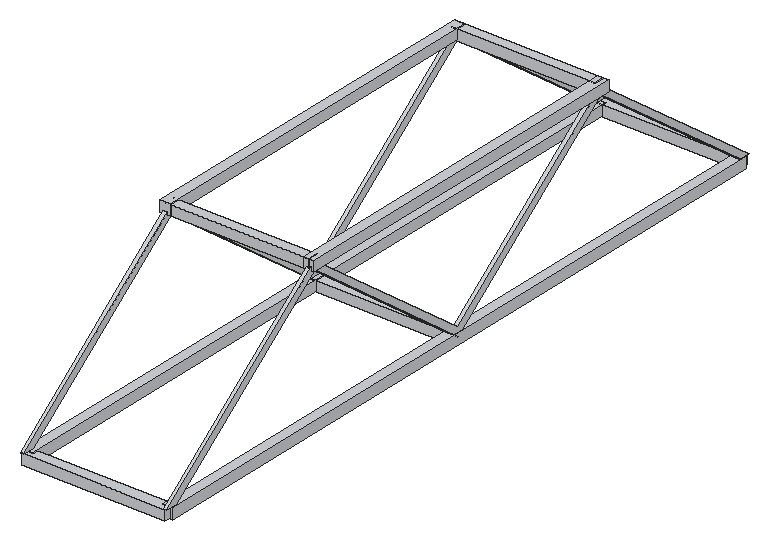
Revit family
Reference planes (in)
  plane 1 "Center Front/Back": y = 0
  plane 2: z = 0
  plane 3 "Center Left/Right": x = 0
Forms (in)
  Extrusion 1, solid
    sketch origin (0, 0, 0) x (1, 0, 0) y (0, 0, 1)
      loop
        line (38, 0) -> (44, 0) -> (44, 6) -> (38, 6) -> (38, 0)
      loop
        line (-38, 0) -> (-38, 6) -> (-44, 6) -> (-44, 0) -> (-38, 0)
    from -210 to 210
  Extrusion 2, solid
    sketch origin (0, 0, 0) x (0, 1, 0) y (0, 0, 1)
      loop
        line (206.72562, 6) -> (213.27438, 6) -> (105, 89.52595) -> (0, 8.52595) -> (-105, 89.52595) -> (-213.27438, 6) -> (-206.72562, 6) -> (-105, 84.47405) -> (0, 3.47405) -> (105, 84.47405) -> (206.72562, 6)
    from 43 to 41
  Extrusion 3, solid
    sketch origin (0, 0, 0) x (0, 1, 0) y (0, 0, -1)
      loop
        line (206.72562, -6) -> (105, -84.47405) -> (0, -3.47405) -> (-105, -84.47405) -> (-206.72562, -6) -> (-213.27438, -6) -> (-105, -89.52595) -> (0, -8.52595) -> (105, -89.52595) -> (213.27438, -6) -> (206.72562, -6)
    from 43 to 41
  Extrusion 4, solid
    sketch origin (0, 0, 0) x (1, 0, 0) y (0, 0, 1)
      loop
        line (-39.12627, 91.66051) -> (-45.12627, 91.66051) -> (-45.12627, 85.66051) -> (-39.12627, 85.66051) -> (-39.12627, 91.66051)
      loop
        line (39.12627, 91.66051) -> (39.12627, 85.66051) -> (45.12627, 85.66051) -> (45.12627, 91.66051) -> (39.12627, 91.66051)
    from -108 to 108
  Extrusion 5, solid
    sketch origin (0, 0, 0) x (0, 1, 0) y (0, 0, 1)
      loop
        line (213.27438, 6) -> (207.27438, 6) -> (207.27438, 0) -> (213.27438, 0) -> (213.27438, 6)
      loop
        line (108, 91.66051) -> (102, 91.66051) -> (102, 85.66051) -> (108, 85.66051) -> (108, 91.66051)
      loop
        line (-213.27438, 6) -> (-213.27438, 0) -> (-207.27438, 0) -> (-207.27438, 6) -> (-213.27438, 6)
      loop
        line (-108, 91.66051) -> (-108, 85.66051) -> (-102, 85.66051) -> (-102, 91.66051) -> (-108, 91.66051)
      loop
        line (0, 0) -> (3.27438, 0) -> (3.27438, 6) -> (-3, 6) -> (-3, 0) -> (0, 0)
    from -42 to 42
